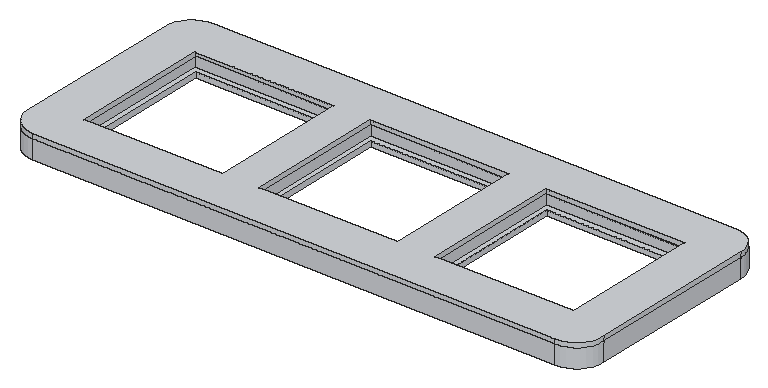
Revit family "Gira_0213412", category Electrical Fixtures, host Face, Revit 2017
Family settings
  Host = Face
  Maintain Annotation Orientation = No
  Round Connector Dimension = Use Diameter
  Part Type = Normal
  Cut with Voids When Loaded = No
  Shared = No
  Room Calculation Point = No
Parameters (values of type "Cov.fr. 3-g Gira E3 grey/p.white")
  URL = "http://katalog.gira.de/en/datenblatt.html?artikelnr=0213412"
  Transparent = "No"
  Name = "Cov.fr. 3-g Gira E3 grey/p.white"
  Manufacturer URL = "https://www.gira.de/"
  Manufacturer = "Gira"
  Keynote = ""
  HeinzeBIM = "https://bimportal.heinze.de/bim/cov-fr-3-g-gira-e3-grey-p-white/f010d84424e92e480021991bc9efc5149b19bd9f"
  HAN = "0213412"
  GTIN = "4010337023913"
  Description = "Cov.fr.3g E3 GyPw,Gira E3 cover frame,grey soft touch with pure white glossy intermediate frame,3-gang,Features:,- Shatter-proof.,,Notes :,- Soft-touch surface,- NCS value: approx. NCS S 3500-N"
  Default Elevation = 1219.2 mm
  Data sheet (1) = "https://katalog.gira.de/en/download.html?artikelnr=0213412"
  Category = "Cover frame for domestic switching devices"
  BIM (1) = "https://media.stage.bim.site/public/gira/36a6b08/E3_Rahmen_3fach.rfa"
  Available = "No"
Reference planes
  plane 1 "Center (Front/Back)": y = 0
  plane 2: z = 0
  plane 3 "Center (Left/Right)": x = 0
Forms (mm)
  Extrusion 1, solid, detail levels fine
    sketch origin (0, 0, 0) x (1, 0, 0) y (0, 1, 0)
      loop
        arc (-106.1, 45.809) -> (-113.884, 42.585) -> (-117.109, 34.8) r 11.009
        line (-117.109, 34.8) -> (-117.109, -34.8)
        arc (-117.109, -34.8) -> (-113.884, -42.585) -> (-106.1, -45.809) r 11.009
        line (-106.1, -45.809) -> (106.1, -45.809)
        arc (106.1, -45.809) -> (113.884, -42.585) -> (117.109, -34.8) r 11.009
        line (117.109, -34.8) -> (117.109, 34.8)
        arc (117.109, 34.8) -> (113.884, 42.585) -> (106.1, 45.809) r 11.009
        line (106.1, 45.809) -> (-106.1, 45.809)
      loop
        line (-43.2, 28.187) -> (-99.456, 28.187) -> (-99.456, -28.187) -> (-43.2, -28.187) -> (-43.2, 28.187)
      loop
        line (-28.3, 28.187) -> (-28.3, -28.187) -> (27.956, -28.187) -> (27.956, 28.187) -> (-28.3, 28.187)
      loop
        line (43.2, 28.187) -> (43.2, -28.187) -> (99.456, -28.187) -> (99.456, 28.187) -> (43.2, 28.187)
    from 7.65 to 9.5
  Extrusion 2, solid, detail levels fine
    sketch origin (-71.5, 0, 0) x (1, 0, 0) y (0, 1, 0)
      loop
        line (26.1, 25.7) -> (-25.7, 25.7) -> (-25.7, -25.7) -> (26.1, -25.7) -> (26.1, 25.7)
      loop
        line (-28.187, -28.156) -> (28.187, -28.156) -> (28.187, 28.156) -> (-28.187, 28.156) -> (-28.187, -28.156)
    from 1.65 to 3.9
  Extrusion 3, solid, detail levels fine
    sketch origin (0, 0, 0) x (1, 0, 0) y (0, 1, 0)
      loop
        arc (-106.1, 45.809) -> (-113.884, 42.585) -> (-117.109, 34.8) r 11.009
        line (-117.109, 34.8) -> (-117.109, -34.8)
        arc (-117.109, -34.8) -> (-113.884, -42.585) -> (-106.1, -45.809) r 11.009
        line (-106.1, -45.809) -> (106.1, -45.809)
        arc (106.1, -45.809) -> (113.884, -42.585) -> (117.109, -34.8) r 11.009
        line (117.109, -34.8) -> (117.109, 34.8)
        arc (117.109, 34.8) -> (113.884, 42.585) -> (106.1, 45.809) r 11.009
        line (106.1, 45.809) -> (-106.1, 45.809)
      loop
        line (-115.143, 34.785) -> (-115.143, -34.785)
        arc (-115.143, -34.785) -> (-112.49, -41.19) -> (-106.084, -43.843) r 9.058
        line (-106.084, -43.843) -> (106.084, -43.843)
        arc (106.084, -43.843) -> (112.49, -41.19) -> (115.143, -34.785) r 9.058
        line (115.143, -34.785) -> (115.143, 34.785)
        arc (115.143, 34.785) -> (112.49, 41.19) -> (106.084, 43.843) r 9.058
        line (106.084, 43.843) -> (-106.084, 43.843)
        arc (-106.084, 43.843) -> (-112.49, 41.19) -> (-115.143, 34.785) r 9.058
    from 0 to 7.65
  Extrusion 4, solid, detail levels fine
    sketch origin (-35.75, 0, 0) x (1, 0, 0) y (0, 1, 0)
      loop
        line (-62.956, -31.075) -> (62.956, -31.075)
        arc (62.956, -31.075) -> (65.599, -29.98) -> (66.694, -27.337) r 3.739
        line (66.694, -27.337) -> (66.694, 27.337)
        arc (66.694, 27.337) -> (65.599, 29.98) -> (62.956, 31.075) r 3.739
        line (62.956, 31.075) -> (-62.956, 31.075)
        arc (-62.956, 31.075) -> (-65.599, 29.98) -> (-66.694, 27.337) r 3.739
        line (-66.694, 27.337) -> (-66.694, -27.337)
        arc (-66.694, -27.337) -> (-65.599, -29.98) -> (-62.956, -31.075) r 3.739
      loop
        line (-65.544, 27.537) -> (-65.544, -27.537)
        arc (-65.544, -27.537) -> (-64.845, -29.226) -> (-63.156, -29.925) r 2.389
        line (-63.156, -29.925) -> (63.156, -29.925)
        arc (63.156, -29.925) -> (64.845, -29.226) -> (65.544, -27.537) r 2.389
        line (65.544, -27.537) -> (65.544, 27.537)
        arc (65.544, 27.537) -> (64.845, 29.226) -> (63.156, 29.925) r 2.389
        line (63.156, 29.925) -> (-63.156, 29.925)
        arc (-63.156, 29.925) -> (-64.845, 29.226) -> (-65.544, 27.537) r 2.389
    from 1.65 to 7.65
  Extrusion 5, solid, detail levels fine
    sketch origin (0, 0, 0) x (1, 0, 0) y (0, 1, 0)
      loop
        line (-103.367, -39.8) -> (103.368, -39.8)
        arc (103.368, -39.8) -> (108.982, -36.708) -> (111.215, -30.7) r 9.2
        line (111.215, -30.7) -> (111.215, 30.7)
        arc (111.215, 30.7) -> (108.52, 37.205) -> (102.015, 39.9) r 9.2
        line (102.015, 39.9) -> (-102.014, 39.9)
        arc (-102.014, 39.9) -> (-108.52, 37.205) -> (-111.214, 30.7) r 9.2
        line (-111.214, 30.7) -> (-111.214, -30.7)
        arc (-111.214, -30.7) -> (-108.982, -36.708) -> (-103.367, -39.8) r 9.2
      loop
        line (-102.014, -31.7) -> (102.015, -31.7)
        arc (102.015, -31.7) -> (102.722, -31.407) -> (103.015, -30.7) r 1
        line (103.015, -30.7) -> (103.015, 30.7)
        arc (103.015, 30.7) -> (102.722, 31.407) -> (102.015, 31.7) r 1
        line (102.015, 31.7) -> (-102.014, 31.7)
        arc (-102.014, 31.7) -> (-102.721, 31.407) -> (-103.014, 30.7) r 1
        line (-103.014, 30.7) -> (-103.014, -30.7)
        arc (-103.014, -30.7) -> (-102.721, -31.407) -> (-102.014, -31.7) r 1
    from 1.65 to 3.9
  Extrusion 6, solid, detail levels fine
    sketch origin (-71.5, 0, 0) x (1, 0, 0) y (0, 1, 0)
      loop
        line (-28.187, 28.156) -> (-28.187, -28.156) -> (28.187, -28.156) -> (28.187, 28.156) -> (-28.187, 28.156)
      loop
        line (-29.925, 29.925) -> (-29.925, -29.925) -> (29.925, -29.925) -> (29.925, 29.925) -> (-29.925, 29.925)
    from 1.65 to 7.65
  Extrusion 7, solid, detail levels coarse+medium
    sketch origin (0, 0, 0) x (1, 0, 0) y (0, 1, 0)
      loop
        line (-117.109, 45.809) -> (-117.109, -45.809) -> (117.109, -45.809) -> (117.109, 45.809) -> (-117.109, 45.809)
    from 0 to 9.5
  Extrusion 8, solid, detail levels fine
    sketch origin (0, 0, 0) x (-1, 0, 0) y (0, -1, 0)
      loop
        line (25.9, -25.7) -> (25.9, 25.7) -> (-25.9, 25.7) -> (-25.9, -25.7) -> (25.9, -25.7)
      loop
        line (-28.187, 28.156) -> (-28.187, -28.156) -> (28.187, -28.156) -> (28.187, 28.156) -> (-28.187, 28.156)
    from 1.65 to 3.9
  Extrusion 9, solid, detail levels fine
    sketch origin (0, 0, 0) x (-1, 0, 0) y (0, -1, 0)
      loop
        line (-28.187, -28.156) -> (28.187, -28.156) -> (28.187, 28.156) -> (-28.187, 28.156) -> (-28.187, -28.156)
      loop
        line (-29.925, -29.925) -> (29.925, -29.925) -> (29.925, 29.925) -> (-29.925, 29.925) -> (-29.925, -29.925)
    from 1.65 to 7.65
  Extrusion 10, solid, detail levels fine
    sketch origin (71.5, 0, 0) x (-1, 0, 0) y (0, -1, 0)
      loop
        line (26.1, -25.7) -> (26.1, 25.7) -> (-25.7, 25.7) -> (-25.7, -25.7) -> (26.1, -25.7)
      loop
        line (-28.187, 28.156) -> (-28.187, -28.156) -> (28.187, -28.156) -> (28.187, 28.156) -> (-28.187, 28.156)
    from 1.65 to 3.9
  Extrusion 11, solid, detail levels fine
    sketch origin (71.5, 0, 0) x (-1, 0, 0) y (0, -1, 0)
      loop
        line (-28.187, -28.156) -> (28.187, -28.156) -> (28.187, 28.156) -> (-28.187, 28.156) -> (-28.187, -28.156)
      loop
        line (-29.925, -29.925) -> (29.925, -29.925) -> (29.925, 29.925) -> (-29.925, 29.925) -> (-29.925, -29.925)
    from 1.65 to 7.65
Dimensions and locks
  aligned and locked: plane 2 to host face
  aligned and locked: level to host face
